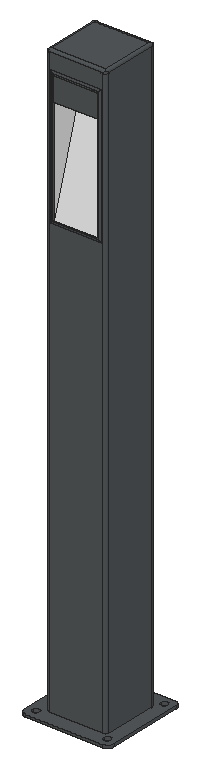
Revit family "svetilnik_alfresco_ar deko_dtu19", category Lighting Fixtures, Revit 2016 (continued)
Definition of nested family "Источник света Ар_Деко"
  Types (5, lengths in mm): name | Photometric Web File | built-in parameter 1150142
           0.2\r\n       0.2       0.2       0.2       0.2       0.2       0.2       0.2       0.2\r\n       0.2       0.1       0.1       0.1       0.1       0.1       0.1       0.1\r\n       0.1       0.1       0.0       0.0       0.0\r\n       0.0       0.0       0.1       0.1       0.1       0.1       0.1       0.1\r\n       0.2       0.2       0.2       0.2       0.2       0.2       0.2       0.2\r\n       0.2       0.2       0.2       0.2       0.2       0.2       0.2       0.2\r\n       0.2       0.2       0.2       0.2       0.2       0.2       0.2       0.2\r\n       0.2       0.2       0.2       0.2       0.2       0.2       0.2       0.2\r\n       0.2       0.2       0.2       0.2       0.2       0.2       0.2       0.2\r\n       0.2       0.2       0.2       0.2       0.2       0.2       0.2       0.2\r\n       0.2       0.2       0.2       0.2       0.2       0.2       0.2       0.2\r\n       0.2       0.2       0.2       0.2       0.2       0.2       0.2       0.2\r\n       0.2       0.2       0.2       0.2       0.2       0.2       0.2       0.2\r\n       0.2       0.2       0.2       0.2       0.2       0.2       0.2       0.2\r\n       0.2       0.2       0.2       0.2       0.2       0.2       0.2       0.2\r\n       0.2       0.2       0.2       0.2       0.2       0.2       0.2       0.2\r\n       0.2       0.2       0.2       0.2       0.2       0.2       0.2       0.2\r\n       0.2       0.2       0.2       0.2       0.2       0.2       0.2       0.2\r\n       0.2       0.2       0.2       0.2       0.2       0.2       0.2       0.2\r\n       0.2       0.2       0.2       0.2       0.2       0.2       0.2       0.2\r\n       0.2       0.2       0.2       0.2       0.2       0.2       0.2       0.2\r\n       0.2       0.2       0.2       0.2       0.2       0.2       0.2       0.2\r\n       0.2       0.2       0.2       0.2       0.2       0.2       0.2       0.2\r\n       0.2       0.2       0.2       0.2       0.2       0.2       0.2       0.2\r\n       0.2       0.1       0.1       0.1       0.1       0.1       0.1       0.1\r\n       0.1       0.1       0.0       0.0       0.0\r\n       0.0       0.0       0.1       0.1       0.1       0.1       0.1       0.1\r\n       0.2       0.2       0.2       0.2       0.2       0.2       0.2       0.2\r\n       0.2       0.2       0.2       0.2       0.2       0.2       0.2       0.2\r\n       0.2       0.2       0.2       0.2       0.2       0.2       0.2       0.2\r\n       0.2       0.2       0.2       0.2       0.2       0.2       0.2       0.2\r\n       0.2       0.2       0.2       0.2       0.2       0.2       0.2       0.2\r\n       0.2       0.2       0.2       0.2       0.2       0.2       0.2       0.2\r\n       0.2       0.2       0.2       0.2       0.2       0.2       0.2       0.2\r\n       0.2       0.2       0.2       0.2       0.2       0.2       0.2       0.2\r\n       0.2       0.2       0.2       0.2       0.2       0.2       0.2       0.2\r\n       0.2       0.2       0.2       0.2       0.2       0.2       0.2       0.2\r\n       0.2       0.2       0.2       0.2       0.2       0.2       0.2       0.2\r\n       0.2       0.2       0.2       0.2       0.2       0.2       0.2       0.2\r\n       0.2       0.2       0.2       0.2       0.2       0.2       0.2       0.2\r\n       0.2       0.2       0.2       0.2       0.2       0.2       0.2       0.2\r\n       0.2       0.2       0.2       0.2       0.2       0.2       0.2       0.2\r\n       0.2       0.2       0.2       0.2       0.2       0.2       0.2       0.2\r\n       0.2       0.2       0.2       0.2       0.2       0.2       0.2       0.2\r\n       0.2       0.2       0.2       0.2       0.2       0.2       0.2       0.2\r\n       0.2       0.2       0.2       0.2       0.2       0.2       0.2       0.2\r\n       0.2       0.2       0.2       0.2       0.2       0.2       0.2       0.2\r\n       0.2       0.1       0.1       0.1       0.1       0.1       0.1       0.1\r\n       0.1       0.1       0.0       0.0       0.0\r\n       0.0       0.0       0.1       0.1       0.1       0.1       0.1       0.1\r\n       0.2       0.2       0.2       0.2       0.2       0.2       0.2       0.2\r\n       0.2       0.2       0.2       0.2       0.2       0.2       0.2       0.2\r\n       0.2       0.2       0.2       0.2       0.2       0.2       0.2       0.2\r\n       0.2       0.2       0.2       0.2       0.2       0.2       0.2       0.2\r\n       0.2       0.2       0.2       0.2       0.2       0.2       0.2       0.2\r\n       0.2       0.2       0.2       0.2       0.2       0.2       0.2       0.2\r\n       0.2       0.2       0.2       0.2       0.2       0.2       0.2       0.2\r\n       0.2       0.2       0.2       0.2       0.2       0.2       0.2       0.2\r\n       0.2       0.2       0.2       0.2       0.2       0.2       0.2       0.2\r\n       0.2       0.2       0.2       0.2       0.2       0.2       0.2       0.2\r\n       0.2       0.2       0.2       0.2       0.2       0.2       0.2       0.2\r\n       0.2       0.2       0.2       0.2       0.2       0.2       0.2       0.2\r\n       0.2       0.2       0.2       0.2       0.2       0.2       0.2       0.2\r\n       0.2       0.2       0.2       0.2       0.2       0.2       0.2       0.2\r\n       0.2       0.2       0.2       0.2       0.2       0.2       0.2       0.2\r\n       0.2       0.2       0.2       0.2       0.2       0.2       0.2       0.2\r\n       0.2       0.2       0.2       0.2       0.2       0.2       0.2       0.2\r\n       0.2       0.2       0.2       0.2       0.2       0.2       0.2       0.2\r\n       0.2       0.2       0.2       0.2       0.2       0.2       0.2       0.2\r\n       0.2       0.2       0.2       0.2       0.2       0.2       0.2       0.2\r\n       0.2       0.1       0.1       0.1       0.1       0.1       0.1       0.1\r\n       0.1       0.1       0.0       0.0       0.0\r\n       0.0       0.0       0.0       0.1       0.1       0.1       0.1       0.1\r\n       0.2       0.2       0.2       0.2       0.2       0.2       0.2       0.2\r\n       0.2       0.2       0.2       0.2       0.2       0.2       0.2       0.2\r\n       0.2       0.2       0.2       0.2       0.2       0.2       0.2       0.2\r\n       0.2       0.2       0.2       0.2       0.2       0.2       0.2       0.2\r\n       0.2       0.2       0.2       0.2       0.2       0.2       0.2       0.2\r\n       0.2       0.2       0.2       0.2       0.2       0.2       0.2       0.2\r\n       0.2       0.2       0.2       0.2       0.2       0.2       0.2       0.2\r\n       0.2       0.2       0.2       0.2       0.2       0.2       0.2       0.2\r\n       0.2       0.2       0.2       0.2       0.2       0.2       0.2       0.2\r\n       0.2       0.2       0.2       0.2       0.2       0.2       0.2       0.2\r\n       0.2       0.2       0.2       0.2       0.2       0.2       0.2       0.2\r\n       0.2       0.2       0.2       0.2       0.2       0.2       0.2       0.2\r\n       0.2       0.2       0.2       0.2       0.2       0.2       0.2       0.2\r\n       0.2       0.2       0.2       0.2       0.2       0.2       0.2       0.2\r\n       0.2       0.2       0.2       0.2       0.2       0.2       0.2       0.2\r\n       0.2       0.2       0.2       0.2       0.2       0.2       0.2       0.2\r\n       0.2       0.2       0.2       0.2       0.2       0.2       0.2       0.2\r\n       0.2       0.2       0.2       0.2       0.2       0.2       0.2       0.2\r\n       0.2       0.2       0.2       0.2       0.2       0.2       0.2       0.2\r\n       0.2       0.2       0.2       0.2       0.2       0.2       0.2       0.2\r\n       0.2       0.1       0.1       0.1       0.1       0.1       0.1       0.1\r\n       0.1       0.1       0.0       0.0       0.0\r\n       0.0       0.0       0.0       0.1       0.1       0.1       0.1       0.1\r\n       0.2       0.2       0.2       0.2       0.2       0.2       0.2       0.2\r\n       0.2       0.2       0.2       0.2       0.2       0.2       0.2       0.2\r\n       0.2       0.2       0.2       0.2       0.2       0.2       0.2       0.2\r\n       0.2       0.2       0.2       0.2       0.2       0.2       0.2       0.2\r\n       0.2       0.2       0.2       0.2       0.2       0.2       0.2       0.2\r\n       0.2       0.2       0.2       0.2       0.2       0.2       0.2       0.2\r\n       0.2       0.2       0.2       0.2       0.2       0.2       0.2       0.2\r\n       0.2       0.2       0.2       0.2       0.2       0.2       0.2       0.2\r\n       0.2       0.2       0.2       0.2       0.2       0.2       0.2       0.2\r\n       0.2       0.2       0.2       0.2       0.2       0.2       0.2       0.2\r\n       0.2       0.2       0.2       0.2       0.2       0.2       0.2       0.2\r\n       0.2       0.2       0.2       0.2       0.2       0.2       0.2       0.2\r\n       0.2       0.2       0.2       0.2       0.2       0.2       0.2       0.2\r\n       0.2       0.2       0.2       0.2       0.2       0.2       0.2       0.2\r\n       0.2       0.2       0.2       0.2       0.2       0.2       0.2       0.2\r\n       0.2       0.2       0.2       0.2       0.2       0.2       0.2       0.2\r\n       0.2       0.2       0.2       0.2       0.2       0.2       0.2       0.2\r\n       0.2       0.2       0.2       0.2       0.2       0.2       0.2       0.2\r\n       0.2       0.2       0.2       0.2       0.2       0.2       0.2       0.2\r\n       0.2       0.2       0.2       0.2       0.2       0.2       0.2       0.2\r\n       0.2       0.1       0.1       0.1       0.1       0.1       0.1       0.1\r\n       0.1       0.1       0.0       0.0       0.0\r\n       0.0       0.0       0.0       0.1       0.1       0.1       0.1       0.1\r\n       0.2       0.2       0.2       0.2       0.2       0.2       0.2       0.2\r\n       0.2       0.2       0.2       0.2       0.2       0.2       0.2       0.2\r\n       0.2       0.3       0.2       0.2       0.2       0.2       0.2       0.2\r\n       0.2       0.2       0.2       0.2       0.2       0.2       0.2       0.2\r\n       0.2       0.2       0.2       0.2       0.2       0.2       0.2       0.2\r\n       0.2       0.2       0.2       0.2       0.2       0.2       0.2       0.2\r\n       0.2       0.2       0.2       0.2       0.2       0.2       0.2       0.2\r\n       0.2       0.2       0.2       0.2       0.2       0.2       0.2       0.2\r\n       0.2       0.2       0.2       0.2       0.2       0.2       0.2       0.2\r\n       0.2       0.2       0.2       0.2       0.2       0.2       0.2       0.2\r\n       0.2       0.2       0.2       0.2       0.2       0.2       0.2       0.2\r\n       0.2       0.2       0.2       0.2       0.2       0.2       0.2       0.2\r\n       0.2       0.2       0.2       0.2       0.2       0.2       0.2       0.2\r\n       0.2       0.2       0.2       0.2       0.2       0.2       0.2       0.2\r\n       0.2       0.2       0.2       0.2       0.2       0.2       0.2       0.2\r\n       0.2       0.2       0.2       0.2       0.2       0.2       0.2       0.2\r\n       0.2       0.2       0.2       0.2       0.2       0.2       0.2       0.2\r\n       0.2       0.2       0.2       0.2       0.2       0.2       0.2       0.2\r\n       0.2       0.2       0.2       0.2       0.2       0.2       0.2       0.2\r\n       0.2       0.2       0.2       0.2       0.2       0.2       0.2       0.2\r\n       0.2       0.1       0.1       0.1       0.1       0.1       0.1       0.1\r\n       0.1       0.1       0.0       0.0       0.0\r\n       0.0       0.0       0.0       0.1       0.1       0.1       0.1       0.1\r\n       0.2       0.2       0.2       0.2       0.2       0.2       0.2       0.2\r\n       0.2       0.2       0.2       0.2       0.2       0.2       0.2       0.2\r\n       0.2       0.2       0.2       0.2       0.2       0.2       0.2       0.2\r\n       0.2       0.2       0.2       0.2       0.2       0.2       0.2       0.2\r\n       0.2       0.2       0.2       0.2       0.2       0.2       0.2       0.2\r\n       0.2       0.2       0.2       0.2       0.2       0.2       0.2       0.2\r\n       0.2       0.2       0.2       0.2       0.2       0.2       0.2       0.2\r\n       0.2       0.2       0.2       0.2       0.2       0.2       0.2       0.2\r\n       0.2       0.2       0.2       0.2       0.2       0.2       0.2       0.2\r\n       0.2       0.2       0.2       0.2       0.2       0.2       0.2       0.2\r\n       0.2       0.2       0.2       0.2       0.2       0.2       0.2       0.2\r\n       0.2       0.2       0.2       0.2       0.2       0.2       0.2       0.2\r\n       0.2       0.2       0.2       0.2       0.2       0.2       0.2       0.2\r\n       0.2       0.2       0.2       0.2       0.2       0.2       0.2       0.2\r\n       0.2       0.2       0.2       0.2       0.2       0.2       0.2       0.2\r\n       0.2       0.2       0.2       0.2       0.2       0.2       0.2       0.2\r\n       0.2       0.2       0.2       0.2       0.2       0.3       0.2       0.2\r\n       0.2       0.2       0.2       0.2       0.2       0.2       0.2       0.2\r\n       0.2       0.2       0.2       0.2       0.2       0.2       0.2       0.2\r\n       0.2       0.2       0.2       0.2       0.2       0.2       0.2       0.2\r\n       0.2       0.1       0.1       0.1       0.1       0.1       0.1       0.1\r\n       0.1       0.1       0.0       0.0       0.0\r\n       0.0       0.0       0.0       0.0       0.1       0.1       0.1       0.1\r\n       0.2       0.2       0.2       0.2       0.2       0.2       0.2       0.2\r\n       0.2       0.2       0.2       0.2       0.2       0.2       0.2       0.2\r\n       0.2       0.2       0.2       0.2       0.2       0.2       0.2       0.2\r\n       0.2       0.2       0.2       0.2       0.2       0.2       0.2       0.2\r\n       0.2       0.2       0.2       0.2       0.2       0.2       0.2       0.2\r\n       0.2       0.2       0.2       0.2       0.2       0.2       0.2       0.2\r\n       0.2       0.2       0.2       0.2       0.2       0.2       0.2       0.2\r\n       0.2       0.2       0.2       0.2       0.2       0.2       0.2       0.2\r\n       0.2       0.2       0.2       0.2       0.2       0.2       0.2       0.2\r\n       0.2       0.2       0.2       0.2       0.2       0.2       0.2       0.2\r\n       0.2       0.2       0.2       0.2       0.2       0.2       0.2       0.2\r\n       0.2       0.2       0.2       0.2       0.2       0.2       0.2       0.2\r\n       0.2       0.2       0.2       0.2       0.2       0.2       0.2       0.2\r\n       0.2       0.2       0.2       0.2       0.2       0.2       0.2       0.2\r\n       0.2       0.2       0.2       0.2       0.2       0.2       0.2       0.2\r\n       0.2       0.2       0.2       0.2       0.2       0.2       0.2       0.2\r\n       0.2       0.2       0.2       0.2       0.2       0.2       0.2       0.2\r\n       0.2       0.2       0.2       0.2       0.2       0.2       0.2       0.2\r\n       0.2       0.2       0.2       0.2       0.2       0.2       0.2       0.2\r\n       0.2       0.2       0.2       0.2       0.2       0.2       0.2       0.2\r\n       0.2       0.1       0.1       0.1       0.1       0.1       0.1       0.1\r\n       0.1       0.1       0.0       0.0       0.0\r\n       0.0       0.0       0.0       0.0       0.1       0.1       0.1       0.1\r\n       0.2       0.2       0.2       0.2       0.2       0.2       0.2       0.2\r\n       0.2       0.2       0.2       0.2       0.2       0.2       0.2       0.2\r\n       0.2       0.2       0.2       0.2       0.2       0.2       0.2       0.2\r\n       0.2       0.2       0.2       0.2       0.2       0.2       0.2       0.2\r\n       0.2       0.2       0.2       0.2       0.2       0.2       0.2       0.2\r\n       0.2       0.2       0.2       0.2       0.2       0.2       0.2       0.2\r\n       0.2       0.2       0.2       0.2       0.2       0.2       0.2       0.2\r\n       0.2       0.2       0.2       0.2       0.2       0.2       0.2       0.2\r\n       0.2       0.2       0.2       0.2       0.2       0.2       0.2       0.2\r\n       0.2       0.2       0.2       0.2       0.2       0.2       0.2       0.2\r\n       0.2       0.2    
         0.2       0.2       0.2       0.2       0.2       0.2\r\n       0.2       0.2       0.2       0.2       0.2       0.2       0.2       0.2\r\n       0.2       0.2       0.2       0.2       0.2       0.2       0.2       0.2\r\n       0.2       0.2       0.2       0.2       0.2       0.2       0.2       0.2\r\n       0.2       0.2       0.2       0.2       0.2       0.2       0.2       0.2\r\n       0.2       0.2       0.2       0.2       0.2       0.2       0.2       0.2\r\n       0.2       0.2       0.2       0.2       0.2       0.2       0.2       0.2\r\n       0.2       0.2       0.2       0.2       0.2       0.2       0.2       0.2\r\n       0.2       0.2       0.2       0.2       0.2       0.2       0.2       0.2\r\n       0.2       0.2       0.2       0.2       0.2       0.2       0.2       0.2\r\n       0.2       0.1       0.1       0.1       0.1       0.1       0.1       0.1\r\n       0.1       0.1       0.0       0.0       0.0\r\n       0.0       0.0       0.0       0.0       0.1       0.1       0.1       0.1\r\n       0.2       0.2       0.2       0.2       0.2       0.2       0.2       0.2\r\n       0.2       0.2       0.2       0.2       0.2       0.2       0.2       0.2\r\n       0.2       0.2       0.2       0.2       0.2       0.2       0.2       0.2\r\n       0.2       0.2       0.2       0.2       0.2       0.2       0.2       0.2\r\n       0.2       0.2       0.2       0.2       0.2       0.2       0.2       0.2\r\n       0.2       0.2       0.2       0.2       0.2       0.2       0.2       0.2\r\n       0.2       0.2       0.2       0.2       0.2       0.2       0.2       0.2\r\n       0.2       0.2       0.2       0.2       0.2       0.2       0.2       0.2\r\n       0.2       0.2       0.2       0.2       0.2       0.2       0.2       0.2\r\n       0.2       0.2       0.2       0.2       0.2       0.2       0.2       0.2\r\n       0.2       0.2       0.2       0.2       0.2       0.2       0.2       0.2\r\n       0.2       0.2       0.2       0.2       0.2       0.2       0.2       0.2\r\n       0.2       0.2       0.2       0.2       0.2       0.2       0.2       0.2\r\n       0.2       0.2       0.2       0.2       0.2       0.2       0.2       0.2\r\n       0.2       0.2       0.2       0.2       0.2       0.2       0.2       0.2\r\n       0.2       0.2       0.2       0.2       0.2       0.2       0.2       0.2\r\n       0.2       0.2       0.2       0.2       0.2       0.2       0.2       0.2\r\n       0.2       0.2       0.2       0.2       0.2       0.2       0.2       0.2\r\n       0.2       0.2       0.2       0.2       0.2       0.2       0.2       0.2\r\n       0.2       0.2       0.2       0.2       0.2       0.2       0.2       0.2\r\n       0.2       0.1       0.1       0.1       0.1       0.1       0.1       0.1\r\n       0.1       0.1       0.0       0.0       0.0\r\n       0.0       0.0       0.0       0.0       0.0       0.1       0.1       0.1\r\n       0.2       0.2       0.2       0.2       0.2       0.2       0.2       0.2\r\n       0.2       0.2       0.2       0.2       0.2       0.2       0.2       0.2\r\n       0.2       0.2       0.2       0.2       0.2       0.2       0.2       0.2\r\n       0.2       0.2       0.2       0.2       0.2       0.2       0.2       0.2\r\n       0.2       0.2       0.2       0.2       0.2       0.2       0.2       0.2\r\n       0.2       0.2       0.2       0.2       0.2       0.2       0.2       0.2\r\n       0.2       0.2       0.2       0.2       0.2       0.2       0.2       0.2\r\n       0.2       0.2       0.2       0.2       0.2       0.2       0.2       0.2\r\n       0.2       0.2       0.2       0.2       0.2       0.2       0.2       0.2\r\n       0.2       0.2       0.2       0.2       0.2       0.2       0.2       0.2\r\n       0.2       0.2       0.2       0.2       0.2       0.2       0.2       0.2\r\n       0.2       0.2       0.2       0.2       0.2       0.2       0.2       0.2\r\n       0.2       0.2       0.2       0.2       0.2       0.2       0.2       0.2\r\n       0.2       0.2       0.2       0.2       0.2       0.2       0.2       0.2\r\n       0.2       0.2       0.2       0.2       0.2       0.2       0.2       0.2\r\n       0.2       0.2       0.2       0.2       0.2       0.2       0.2       0.2\r\n       0.2       0.2       0.2       0.2       0.2       0.2       0.2       0.2\r\n       0.2       0.2       0.2       0.2       0.2       0.2       0.2       0.2\r\n       0.2       0.2       0.2       0.2       0.2       0.2       0.2       0.2\r\n       0.2       0.2       0.2       0.2       0.2       0.2       0.2       0.2\r\n       0.2       0.1       0.1       0.1       0.1       0.1       0.1       0.1\r\n       0.1       0.1       0.0       0.0       0.0\r\n       0.0       0.0       0.0       0.0       0.0       0.1       0.1       0.1\r\n       0.2       0.2       0.2       0.2       0.2       0.2       0.2       0.2\r\n       0.2       0.2       0.2       0.2       0.2       0.2       0.2       0.2\r\n       0.2       0.2       0.2       0.2       0.2       0.2       0.2       0.2\r\n       0.2       0.2       0.2       0.2       0.2       0.2       0.2       0.2\r\n       0.2       0.2       0.2       0.2       0.2       0.2       0.2       0.2\r\n       0.2       0.2       0.2       0.2       0.2       0.2       0.2       0.2\r\n       0.2       0.2       0.2       0.2       0.2       0.2       0.2       0.2\r\n       0.2       0.2       0.2       0.2       0.2       0.2       0.2       0.2\r\n       0.2       0.2       0.2       0.2       0.2       0.2       0.2       0.2\r\n       0.2       0.2       0.2       0.2       0.2       0.2       0.2       0.2\r\n       0.2       0.2       0.2       0.2       0.2       0.2       0.2       0.2\r\n       0.2       0.2       0.2       0.2       0.2       0.2       0.2       0.2\r\n       0.2       0.2       0.2       0.2       0.2       0.2       0.2       0.2\r\n       0.2       0.2       0.2       0.2       0.2       0.2       0.2       0.2\r\n       0.2       0.2       0.2       0.2       0.2       0.2       0.2       0.2\r\n       0.2       0.2       0.2       0.2       0.2       0.2       0.2       0.2\r\n       0.2       0.2       0.2       0.2       0.2       0.2       0.2       0.2\r\n       0.2       0.2       0.2       0.2       0.2       0.2       0.2       0.2\r\n       0.2       0.2       0.2       0.2       0.2       0.2       0.2       0.2\r\n       0.2       0.2       0.2       0.2       0.2       0.2       0.2       0.2\r\n       0.2       0.1       0.1       0.1       0.1       0.1       0.1       0.1\r\n       0.1       0.1       0.0       0.0       0.0\r\n       0.0       0.0       0.0       0.0       0.0       0.1       0.1       0.1\r\n       0.2       0.2       0.2       0.2       0.2       0.2       0.2       0.2\r\n       0.2       0.2       0.2       0.2       0.2       0.2       0.2       0.2\r\n       0.2       0.2       0.2       0.2       0.2       0.2       0.2       0.2\r\n       0.2       0.2       0.2       0.2       0.2       0.2       0.2       0.2\r\n       0.2       0.2       0.2       0.2       0.2       0.2       0.2       0.2\r\n       0.2       0.2       0.2       0.3       0.2       0.2       0.2       0.2\r\n       0.2       0.2       0.2       0.2       0.2       0.2       0.2       0.2\r\n       0.2       0.2       0.2       0.2       0.2       0.2       0.2       0.2\r\n       0.2       0.2       0.2       0.2       0.2       0.2       0.2       0.2\r\n       0.2       0.2       0.2       0.2       0.2       0.2       0.2       0.2\r\n       0.2       0.2       0.2       0.2       0.2       0.2       0.2       0.2\r\n       0.2       0.2       0.2       0.2       0.2       0.2       0.2       0.2\r\n       0.2       0.2       0.2       0.2       0.2       0.2       0.2       0.2\r\n       0.2       0.2       0.2       0.2       0.2       0.2       0.2       0.2\r\n       0.2       0.2       0.2       0.2       0.2       0.2       0.2       0.2\r\n       0.2       0.2       0.2       0.2       0.2       0.2       0.2       0.2\r\n       0.2       0.2       0.2       0.2       0.2       0.2       0.2       0.2\r\n       0.2       0.2       0.2       0.2       0.2       0.2       0.2       0.2\r\n       0.2       0.2       0.2       0.2       0.2       0.2       0.2       0.2\r\n       0.2       0.2       0.2       0.2       0.2       0.2       0.2       0.2\r\n       0.2       0.2       0.1       0.1       0.1       0.1       0.1       0.1\r\n       0.1       0.1       0.0       0.0       0.0\r\n       0.0       0.0       0.0       0.0       0.0       0.1       0.1       0.1\r\n       0.2       0.2       0.2       0.2       0.2       0.2       0.2       0.2\r\n       0.2       0.2       0.2       0.2       0.2       0.2       0.2       0.2\r\n       0.2       0.2       0.2       0.2       0.2       0.2       0.2       0.2\r\n       0.2       0.2       0.2       0.2       0.2       0.2       0.2       0.2\r\n       0.2       0.2       0.2       0.2       0.2       0.2       0.2       0.2\r\n       0.2       0.2       0.2       0.2       0.2       0.2       0.2       0.2\r\n       0.2       0.2       0.2       0.2       0.2       0.2       0.2       0.2\r\n       0.2       0.2       0.2       0.2       0.2       0.2       0.2       0.2\r\n       0.2       0.2       0.2       0.2       0.2       0.2       0.2       0.2\r\n       0.2       0.2       0.2       0.2       0.2       0.2       0.2       0.2\r\n       0.2       0.2       0.2       0.2       0.2       0.2       0.2       0.2\r\n       0.2       0.2       0.2       0.2       0.2       0.2       0.2       0.2\r\n       0.2       0.2       0.2       0.2       0.2       0.2       0.2       0.2\r\n       0.2       0.2       0.2       0.2       0.2       0.2       0.2       0.2\r\n       0.2       0.2       0.2       0.2       0.2       0.2       0.2       0.2\r\n       0.2       0.2       0.2       0.2       0.2       0.2       0.2       0.2\r\n       0.2       0.2       0.2       0.2       0.2       0.2       0.2       0.2\r\n       0.2       0.2       0.2       0.2       0.2       0.2       0.2       0.2\r\n       0.2       0.2       0.2       0.2       0.2       0.2       0.2       0.2\r\n       0.2       0.2       0.2       0.2       0.2       0.2       0.2       0.2\r\n       0.2       0.2       0.1       0.1       0.1       0.1       0.1       0.1\r\n       0.1       0.0       0.0       0.0       0.0\r\n       0.0       0.0       0.0       0.0       0.0       0.1       0.1       0.1\r\n       0.2       0.2       0.2       0.2       0.2       0.2       0.2       0.2\r\n       0.2       0.2       0.2       0.2       0.2       0.2       0.2       0.2\r\n       0.2       0.2       0.2       0.2       0.2       0.2       0.2       0.2\r\n       0.2       0.2       0.2       0.2       0.2       0.2       0.2       0.2\r\n       0.2       0.2       0.2       0.2       0.2       0.2       0.2       0.2\r\n       0.2       0.2       0.2       0.2       0.2       0.2       0.2       0.2\r\n       0.2       0.2       0.2       0.2       0.2       0.2       0.2       0.2\r\n       0.2       0.2       0.2       0.2       0.2       0.2       0.2       0.2\r\n       0.2       0.2       0.2       0.2       0.2       0.2       0.2       0.2\r\n       0.2       0.2       0.2       0.2       0.2       0.2       0.2       0.2\r\n       0.2       0.2       0.2       0.2       0.2       0.2       0.2       0.2\r\n       0.2       0.2       0.2       0.2       0.2       0.2       0.2       0.2\r\n       0.2       0.2       0.2       0.2       0.2       0.2       0.2       0.2\r\n       0.2       0.2       0.2       0.2       0.2       0.2       0.2       0.2\r\n       0.2       0.2       0.2       0.2       0.2       0.2       0.2       0.2\r\n       0.2       0.2       0.2       0.2       0.2       0.2       0.2       0.2\r\n       0.2       0.2       0.2       0.2       0.2       0.2       0.2       0.2\r\n       0.2       0.2       0.2       0.2       0.2       0.2       0.2       0.2\r\n       0.2       0.2       0.2       0.2       0.2       0.2       0.2       0.2\r\n       0.2       0.2       0.2       0.2       0.2       0.2       0.2       0.2\r\n       0.2       0.2       0.1       0.1       0.1       0.1       0.1       0.1\r\n       0.1       0.0       0.0       0.0       0.0\r\n       0.0       0.0       0.0       0.0       0.0       0.0       0.1       0.1\r\n       0.2       0.2       0.2       0.2       0.2       0.2       0.2       0.2\r\n       0.2       0.2       0.2       0.2       0.2       0.2       0.2       0.2\r\n       0.2       0.2       0.2       0.2       0.2       0.2       0.2       0.2\r\n       0.2       0.2       0.2       0.2       0.2       0.2       0.2       0.2\r\n       0.2       0.2       0.2       0.2       0.2       0.2       0.2       0.3\r\n       0.2       0.2       0.2       0.2       0.2       0.2       0.2       0.2\r\n       0.2       0.2       0.2       0.2       0.2       0.2       0.2       0.2\r\n       0.2       0.2       0.2       0.2       0.2       0.2       0.2       0.2\r\n       0.2       0.2       0.2       0.2       0.2       0.2       0.2       0.2\r\n       0.2       0.2       0.2       0.2       0.2       0.2       0.2       0.2\r\n       0.2       0.2       0.2       0.2       0.2       0.2       0.2       0.2\r\n       0.2       0.2       0.2       0.2       0.2       0.2       0.2       0.2\r\n       0.2       0.2       0.2       0.2       0.2       0.2       0.2       0.2\r\n       0.2       0.2       0.2       0.2       0.2       0.2       0.2       0.2\r\n       0.2       0.2       0.2       0.2       0.2       0.2       0.2       0.2\r\n       0.2       0.2       0.2       0.2       0.2       0.2       0.2       0.2\r\n       0.2       0.2       0.2       0.2       0.2       0.2       0.2       0.2\r\n       0.2       0.2       0.2       0.2       0.2       0.2       0.2       0.2\r\n       0.2       0.2       0.2       0.2       0.2       0.2       0.2       0.2\r\n       0.2       0.2       0.2       0.2       0.2       0.2       0.2       0.2\r\n       0.2       0.2       0.1       0.1       0.1       0.1       0.1       0.1\r\n       0.1       0.0       0.0       0.0       0.0\r\n       0.0       0.0       0.0       0.0       0.0       0.0       0.1       0.1\r\n       0.2       0.2       0.2       0.2       0.2       0.2       0.2       0.2\r\n       0.2       0.2       0.2       0.2       0.2       0.2       0.2       0.2\r\n       0.2       0.2       0.2       0.2       0.2       0.2       0.2       0.2\r\n       0.2       0.2       0.2       0.2       0.2       0.2       0.2       0.2\r\n       0.2       0.2       0.2       0.2       0.2       0.2       0.2       0.4\r\n       0.3       0.2       0.2       0.2       0.2       0.2       0.2       0.2\r\n       0.2       0.2       0.2       0.2       0.2       0.2       0.2       0.2\r\n       0.2       0.2       0.2       0.2       0.2       0.2       0.2       0.2\r\n       0.2       0.2       0.2       0.2       0.2       0.2       0.2       0.2\r\n       0.2       0.2       0.2       0.2       0.2       0.2       0.2       0.2\r\n       0.2       0.2       0.2       0.2       0.2       0.2       0.2       0.2\r\n       0.2       0.2       0.2       0.2       0.2       0.2       0.2       0.2\r\n       0.2       0.2       0.2       0.2       0.2       0.2       0.2       0.2\r\n       0.2       0.2       0.2       0.2       0.2       0.2       0.2       0.2\r\n       0.2       0.2       0.2       0.2       0.2       0.2       0.2       0.2\r\n       0.2       0.2       0.2       0.2       0.2       0.2       0.2       0.2\r\n       0.2       0.2       0.2       0.2       0.2       0.2       0.2       0.2\r\n       0.2       0.2       0.2       0.2       0.2       0.2       0.2       0.2\r\n       0.2       0.2       0.2       0.2       0.2       0.2       0.2       0.2\r\n       0.2       0.2       0.2       0.2       0.2       0.2       0.2       0.2\r\n       0.2       0.2       0.1       0.1       0.1       0.1       0.1       0.1\r\n       0.0       0.0       0.0       0.0       0.0\r\n       0.0       0.0       0.0       0.0       0.0       0.0       0.0       0.1\r\n       0.2       0.2       0.2       0.2       0.2       0.2       0.2       0.2\r\n       0.2       0.2       0.2       0.2       0.2       0
